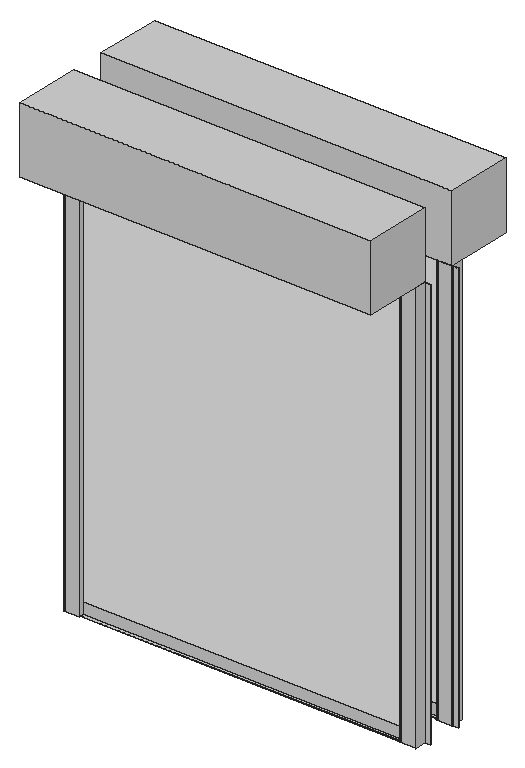
Revit family "DSI-FW119_Smoke-and-Fire-Curtain_Single-Roller-Headbox_Door-Systems", category Doors, host Wall, Revit 2023
Family settings
  Host = Wall
  OmniClass Number = 23.30.60.17
  OmniClass Title = Fire and Smoke Shutters and Curtains
  Always vertical = Yes
  Cut with Voids When Loaded = No
  Shared = No
  Room Calculation Point = No
Parameters (values of type "Default")
  Wall Thickness_Calc [instance] = if(Wall Thickness < 0' 9", Wall Thickness, 0' 9")  # 0' - 9"
  Wall Thickness [instance] = 0' - 9"
  URL = "https://www.doorsysinc.com/"
  Specification = "https://www.arcat.com/company/door-systems-50183/spec"
  Product Page URL = "https://www.arcat.com/arcatcos/cos50/arc50183.html"
  Model = "DSI-FW119"
  Manufacturer = "Door Systems"
  Keynote = "08 33 44"
  Jamb depth = 0' - 3"
  Jamb Width = 0' - 4"
  Head Box Width_Calc [instance] = if(Head Box Width > 0' 9", Head Box Width, 0' 9")  # 1' - 5 1/2"
  Head Box Width [instance] = if(Clear Opening Height < 10' 1", 1' 5 1/2", 1' 9 1/2")  # 1' - 5 1/2"
  Head Box Height_Calc [instance] = if(Head Box Height > 0' 9", Head Box Height, 0' 9")  # 1' - 5 1/2"
  Head Box Height [instance] = if(Clear Opening Height < 10' 1", 1' 5 1/2", 1' 9 1/2")  # 1' - 5 1/2"
  Function = Interior
  Frame Projection Ext. = 0' - 1"
  Frame Projection Int. = 0' - 1"
  Frame Width = 0' - 3"
  Height = 9' - 0"
  Wall Closure = By host
  Width = 7' - 0"
  Frame Finish = Metal - Steel - Primed
  Define Thermal Properties by = Schematic Type
  CurtainDrop_Viz = yes
  Curtain Finish = HS690-SS FABRIC- FW119
  Copyright = "Arcat, Inc."
  Clear Opening Width [instance] = 7' - 0"
  Clear Opening Height [instance] = 9' - 0"
  CAD Details = "https://www.arcat.com/company/door-systems-50183/cad"
  Analytic Construction = "<None>"
Reference planes (in)
  plane 1 "Center (Front/Back)": y = 0
  plane 2 "Center (Left/Right)": x = 0
  plane 3 "Left": x = -42
  plane 4 "Right": x = 42
  plane 5 "Top": z = 108
  plane 6 "Exterior": y = 4
  plane 7 "Interior": y = -4
  plane 8: y = 4.5
  plane 9: y = -4.5
  plane 10: y = 7.5
  plane 11: y = 6
  plane 12: y = -6
  plane 13: y = -7.5
  plane 14: x = -46
  plane 15: x = 46
  plane 16: y = -6.5
  plane 17: y = -5.5
  plane 18: y = 6.5
  plane 19: y = 5.5
  plane 20: y = 6.375
  plane 21: y = 5.625
  plane 22: y = -5.625
  plane 23: y = -6.375
  plane 24: x = -46.125
  plane 25: y = -4.625
  plane 26: x = -47.625
  plane 27: y = 4.625
  plane 28: x = 46.125
  plane 29: x = 47.625
Forms (in)
  Extrusion 1, solid, material "HS690-SS FABRIC- FW119" <- "Curtain Finish"
    sketch origin (0, 0, 0) x (1, 0, 0) y (0, 1, 0)
      loop
        line (-42, 6.375) -> (-42, 5.625) -> (42, 5.625) -> (42, 6.375) -> (-42, 6.375)
    from 0 to 108
  Sweep 2, solid, material "Metal - Steel - Primed" <- "Frame Finish"
    path origin (0, 7.5, -36) x (1, 0, 0) y (0, 0, 1)
      loop
        line (-46, 144) -> (46, 144)
    profile origin (0, 7.5, 108) x (0, 0, 1) y (0, -1, 0)
      loop
        line (17.5, 3) -> (0, 3) -> (0, -14.5) -> (17.5, -14.5) -> (17.5, 3)
  Sweep 3, solid, material "Metal - Steel - Primed" <- "Frame Finish", visible <- "CurtainDrop_Viz"
    path origin (0, 0, 0) x (1, 0, 0) y (0, 1, 0)
      loop
        line (42, 6) -> (-42, 6)
    profile origin (0, 6, 0) x (0, -1, 0) y (0, 0, 1)
      loop
        line (-1.29687, 0.125) -> (-1.29687, 0) -> (-0.375, 0) -> (-0.375, 3) -> (-0.5, 3) -> (-0.5, 0.125) -> (-1.29687, 0.125)
      loop
        line (1.29687, 0) -> (1.29687, 0.125) -> (0.5, 0.125) -> (0.5, 3) -> (0.375, 3) -> (0.375, 0) -> (1.29687, 0)
  Sweep 4, solid, material "Metal - Steel - Primed" <- "Frame Finish"
    path origin (0, -7.5, -36) x (1, 0, 0) y (0, 0, -1)
      loop
        line (-46, -144) -> (46, -144)
    profile origin (0, -7.5, 108) x (0, 0, -1) y (0, 1, 0)
      loop
        line (-17.5, 3) -> (-17.5, -14.5) -> (0, -14.5) -> (0, 3) -> (-17.5, 3)
  Extrusion 5, solid, material "Metal - Steel - Primed" <- "Frame Finish"
    sketch origin (0, 0, 0) x (1, 0, 0) y (0, 1, 0)
      loop
        line (-42, 7.5) -> (-46, 7.5) -> (-46, 4.5) -> (-42, 4.5) -> (-42, 5.5) -> (-43.25, 5.5) -> (-43.25, 5.375) -> (-42.125, 5.375) -> (-42.125, 4.625) -> (-45.875, 4.625) -> (-45.875, 7.375) -> (-42.125, 7.375) -> (-42.125, 6.625) -> (-43.25, 6.625) -> (-43.25, 6.5) -> (-42, 6.5) -> (-42, 7.5)
      loop
        line (42, 4.5) -> (46, 4.5) -> (46, 7.5) -> (42, 7.5) -> (42, 6.5) -> (43.24883, 6.5) -> (43.24883, 6.625) -> (42.125, 6.625) -> (42.125, 7.375) -> (45.875, 7.375) -> (45.875, 4.625) -> (42.125, 4.625) -> (42.125, 5.375) -> (43.24883, 5.375) -> (43.24883, 5.5) -> (42, 5.5) -> (42, 4.5)
    from 0 to 108
  Extrusion 6, solid, material "Metal - Steel - Primed" <- "Frame Finish"
    sketch origin (0, 0, 0) x (1, 0, 0) y (0, 1, 0)
      loop
        line (-42, -4.5) -> (-46, -4.5) -> (-46, -7.5) -> (-42, -7.5) -> (-42, -6.5) -> (-43.25, -6.5) -> (-43.25, -6.625) -> (-42.125, -6.625) -> (-42.125, -7.375) -> (-45.875, -7.375) -> (-45.875, -4.625) -> (-42.125, -4.625) -> (-42.125, -5.375) -> (-43.25, -5.375) -> (-43.25, -5.5) -> (-42, -5.5) -> (-42, -4.5)
      loop
        line (46, -4.5) -> (42, -4.5) -> (42, -5.5) -> (43.24883, -5.5) -> (43.24883, -5.375) -> (42.125, -5.375) -> (42.125, -4.625) -> (45.875, -4.625) -> (45.875, -7.375) -> (42.125, -7.375) -> (42.125, -6.625) -> (43.24883, -6.625) -> (43.24883, -6.5) -> (42, -6.5) -> (42, -7.5) -> (46, -7.5) -> (46, -4.5)
    from 0 to 108
  Extrusion 7, solid, material "HS690-SS FABRIC- FW119" <- "Curtain Finish"
    sketch origin (0, 0, 0) x (1, 0, 0) y (0, 1, 0)
      loop
        line (-42, -6.375) -> (42, -6.375) -> (42, -5.625) -> (-42, -5.625) -> (-42, -6.375)
    from 0 to 108
  Sweep 8, solid, material "Metal - Steel - Primed" <- "Frame Finish", visible <- "CurtainDrop_Viz"
    path origin (0, 0, 0) x (1, 0, 0) y (0, 1, 0)
      loop
        line (42, -6) -> (-42, -6)
    profile origin (0, -6, 0) x (0, -1, 0) y (0, 0, 1)
      loop
        line (1.29687, 0.125) -> (0.5, 0.125) -> (0.5, 3) -> (0.375, 3) -> (0.375, 0) -> (1.29687, 0) -> (1.29687, 0.125)
      loop
        line (-1.29687, 0) -> (-0.375, 0) -> (-0.375, 3) -> (-0.5, 3) -> (-0.5, 0.125) -> (-1.29687, 0.125) -> (-1.29687, 0)
  Extrusion 9, solid, material "Metal - Steel - Primed" <- "Frame Finish"
    sketch origin (0, 0, 0) x (1, 0, 0) y (0, 1, 0)
      loop
        line (-46, 7.5) -> (-46.125, 7.5) -> (-46.125, 4.625) -> (-47.625, 4.625) -> (-47.625, 4.5) -> (-46, 4.5) -> (-46, 7.5)
      loop
        line (46, 7.5) -> (46, 4.5) -> (47.625, 4.5) -> (47.625, 4.625) -> (46.125, 4.625) -> (46.125, 7.5) -> (46, 7.5)
    from 0 to 108
  Extrusion 10, solid, material "Metal - Steel - Primed" <- "Frame Finish"
    sketch origin (0, 0, 0) x (1, 0, 0) y (0, 1, 0)
      loop
        line (47.625, -4.5) -> (46, -4.5) -> (46, -7.5) -> (46.125, -7.5) -> (46.125, -4.625) -> (47.625, -4.625) -> (47.625, -4.5)
      loop
        line (-46, -4.5) -> (-47.625, -4.5) -> (-47.625, -4.625) -> (-46.125, -4.625) -> (-46.125, -7.5) -> (-46, -7.5) -> (-46, -4.5)
    from 0 to 108
Lines and regions (in)
  Opening 1
    outline origin (-90, -4, 0) x (1, 0, 0) y (0, 0, 1)
      loop
        line (48, 0) -> (132, 0) -> (132, 125.5) -> (48, 125.5) -> (48, 0)
Text (in)
  text "Exterior" at (-74.96733, 27.31104, 0), in view "Ref. Level"
  text "Interior" at (-74.96733, -25.14366, 0), in view "Ref. Level"
  text "Exterior" at (0, 40.15149, 123.01588), in view "Right"
  text "Interior" at (0, -64.39139, 123.01588), in view "Right"
  text "Interior" at (0, -31.01599, 123.00693), in view "Left"
  text "Exterior" at (0, 54.57065, 123.00693), in view "Left"
Dimensions and locks (in)
  equal spacing: plane 3 "Left", plane 2 "Center (Left/Right)", plane 4 "Right"
  "Clear Opening Height": level to plane 5 "Top"
  plane 3 "Left" to plane 4 "Right" = 7' - 0"
  host wall to plane 5 "Top" = 9' - 0"
  locked: Sweep 3 sketch curve to Sweep 3 sketch curve at 0.125
  "Wall Thickness_Calc": plane 8 to plane 9
  equal spacing: plane 8, plane 1 "Center (Front/Back)", plane 9
  "Jamb depth": plane 8 to plane 10
  "Clear Opening Width": plane 3 "Left" to plane 4 "Right"
  equal spacing: plane 10, plane 11, plane 8
  equal spacing: plane 9, plane 12, plane 13
  locked: Sweep 8 sketch curve to Sweep 8 sketch curve at 0.125
  "Head Box Width_Calc": plane 9 to Sweep 4 sketch curve
  "Head Box Height_Calc": plane 5 "Top" to Sweep 4 sketch curve
  "Head Box Width_Calc": Sweep 2 sketch curve to plane 8
  "Head Box Height_Calc": Sweep 2 sketch curve to plane 5 "Top"
  "Jamb Width": plane 14 to plane 3 "Left"
  "Jamb Width": plane 15 to plane 4 "Right"
  "Jamb depth": plane 9 to plane 13
  equal spacing: plane 9, plane 17, plane 16, plane 13
  equal spacing: plane 8, plane 19, plane 18, plane 10
  locked: plane 20 to plane 18 at 0.125
  locked: plane 19 to plane 21 at 0.125
  locked: plane 17 to plane 22 at 0.125
  locked: plane 23 to plane 16 at 0.125
  locked: plane 9 to plane 25 at 0.125
  plane 26 to plane 24 to plane 14 = 0' - 1 1/2" locked, 0' - 0 1/8" locked
  locked: plane 8 to plane 27 at 0.125
  plane 29 to plane 28 to plane 15 = 0' - 1 1/2" locked, 0' - 0 1/8" locked
  aligned and locked: Opening 1 sketch curve to level
  aligned and locked: plane 6 "Exterior" to host wall
  aligned and locked: host wall to plane 7 "Interior"
  aligned and locked: Sweep 3 sketch curve to Sweep 3 sketch curve
  aligned and locked: plane 5 "Top" to Sweep 2
  aligned and locked: Sweep 2 sketch curve to plane 5 "Top"  (x2)
  aligned and locked: Extrusion 5 sketch curve to Extrusion 5 sketch curve  (x2)
  aligned and locked: Extrusion 5 sketch curve to plane 10  (x2)
  aligned and locked: plane 8 to Extrusion 5 sketch curve  (x2)
  aligned and locked: Extrusion 5 to plane 5 "Top"
  aligned and locked: plane 11 to Sweep 3 sketch curve
  aligned and locked: plane 3 "Left" to Sweep 3 sketch curve
  aligned and locked: plane 4 "Right" to Sweep 3 sketch curve
  aligned and locked: Extrusion 1 to plane 5 "Top"
  aligned and locked: plane 9 to Extrusion 6 sketch curve  (x2)
  aligned and locked: Extrusion 6 sketch curve to plane 13  (x2)
  aligned and locked: Extrusion 6 sketch curve to Extrusion 6 sketch curve
  aligned and locked: Extrusion 6 to plane 5 "Top"
  aligned and locked: Sweep 4 sketch curve to plane 5 "Top"
  aligned and locked: plane 5 "Top" to Sweep 4 sketch curve
  aligned and locked: Sweep 8 sketch curve to Sweep 8 sketch curve
  aligned and locked: plane 9 to Sweep 4 sketch curve
  aligned and locked: Sweep 2 sketch curve to plane 8
  aligned and locked: Sweep 2 to Opening 1 sketch curve
  aligned and locked: plane 4 "Right" to Opening 1 sketch curve
  aligned and locked: plane 3 "Left" to Opening 1 sketch curve
  aligned and locked: Extrusion 7 to plane 5 "Top"
  aligned and locked: Extrusion 6 sketch curve to plane 14
  aligned and locked: plane 16 to Extrusion 6 sketch curve  (x2)
  aligned and locked: Extrusion 6 sketch curve to plane 17  (x2)
  aligned and locked: Extrusion 6 sketch curve to plane 15
  aligned and locked: Extrusion 5 sketch curve to plane 14
  aligned and locked: plane 18 to Extrusion 5 sketch curve  (x2)
  aligned and locked: Extrusion 5 sketch curve to plane 19  (x2)
  aligned and locked: plane 4 "Right" to Extrusion 5 sketch curve
  aligned and locked: Extrusion 5 sketch curve to plane 15
  aligned and locked: plane 20 to Extrusion 1 sketch curve
  aligned and locked: Extrusion 1 sketch curve to plane 21
  aligned and locked: plane 22 to Extrusion 7 sketch curve
  aligned and locked: Extrusion 7 sketch curve to plane 23
  aligned and locked: Extrusion 9 sketch curve to plane 14
  aligned and locked: Extrusion 9 sketch curve to plane 24
  aligned and locked: Extrusion 9 sketch curve to plane 27  (x2)
  aligned and locked: Extrusion 9 sketch curve to plane 8  (x2)
  aligned and locked: Extrusion 9 sketch curve to plane 26
  aligned and locked: Extrusion 9 sketch curve to plane 10  (x2)
  aligned and locked: plane 15 to Extrusion 9 sketch curve
  aligned and locked: plane 28 to Extrusion 9 sketch curve
  aligned and locked: plane 29 to Extrusion 9 sketch curve
  aligned and locked: Extrusion 9 to level
  aligned and locked: Extrusion 9 to plane 5 "Top"
  aligned and locked: plane 9 to Extrusion 10 sketch curve  (x2)
  aligned and locked: plane 25 to Extrusion 10 sketch curve  (x2)
  aligned and locked: plane 28 to Extrusion 10 sketch curve
  aligned and locked: plane 15 to Extrusion 10 sketch curve
  aligned and locked: plane 29 to Extrusion 10 sketch curve
  aligned and locked: plane 13 to Extrusion 10 sketch curve  (x2)
  aligned and locked: Extrusion 10 sketch curve to plane 26
  aligned and locked: Extrusion 10 sketch curve to plane 24
  aligned and locked: Extrusion 10 sketch curve to plane 14
  aligned and locked: Extrusion 10 to level
  aligned and locked: Extrusion 10 to plane 5 "Top"
Automatic sketch dimensions
  Extrusion 1 sketch curve to plane 3 "Left" = 0' - 0"
  Extrusion 1 sketch curve to plane 4 "Right" = 0' - 0"
  Extrusion 7 sketch curve to plane 3 "Left" = 0' - 0"
  Extrusion 7 sketch curve to plane 4 "Right" = 0' - 0"
  Sweep 8 sketch curve to plane 3 "Left" = 0' - 0"
  Sweep 8 sketch curve to plane 4 "Right" = 0' - 0"
  plane 12 to Sweep 8 sketch curve = 0' - 0"
  Sweep 2 sketch curve to plane 14 = 0' - 0"
  Sweep 4 sketch curve to plane 14 = 0' - 0"
  plane 15 to Sweep 2 sketch curve = 0' - 0"
  plane 15 to Sweep 4 sketch curve = 0' - 0"
  Extrusion 6 sketch curve to plane 3 "Left" = 0' - 0"  (x2)
  plane 14 to Extrusion 6 sketch curve = 0' - 0 1/8"
  Extrusion 6 sketch curve to plane 16 = 0' - 0 1/8"  (x2)
  plane 3 "Left" to Extrusion 6 sketch curve = 0' - 1 1/4"
  plane 17 to Extrusion 6 sketch curve = 0' - 0 1/8"  (x2)
  Extrusion 6 sketch curve to Extrusion 6 sketch curve = 0' - 0"  (x2)
  plane 3 "Left" to Extrusion 6 sketch curve = 0' - 0 1/8"  (x2)
  Extrusion 6 sketch curve to Extrusion 6 sketch curve = 0' - 1.24883"
  plane 13 to Extrusion 6 sketch curve = 0' - 0 1/8"  (x2)
  Extrusion 6 sketch curve to plane 9 = 0' - 0 1/8"  (x2)
  Extrusion 6 sketch curve to Extrusion 6 sketch curve = 0' - 0 1/8"  (x2)
  plane 15 to Extrusion 6 sketch curve = 0' - 0 1/8"
  Extrusion 6 sketch curve to plane 4 "Right" = 0' - 0"
  Extrusion 5 sketch curve to plane 3 "Left" = 0' - 0"
  plane 14 to Extrusion 5 sketch curve = 0' - 0 1/8"
  Extrusion 5 sketch curve to plane 18 = 0' - 0 1/8"  (x2)
  plane 3 "Left" to Extrusion 5 sketch curve = 0' - 1 1/4"
  plane 19 to Extrusion 5 sketch curve = 0' - 0 1/8"  (x2)
  Extrusion 5 sketch curve to Extrusion 5 sketch curve = 0' - 0"  (x2)
  plane 3 "Left" to Extrusion 5 sketch curve = 0' - 0 1/8"  (x2)
  Extrusion 5 sketch curve to plane 4 "Right" = 0' - 1.24883"
  Extrusion 5 sketch curve to plane 8 = 0' - 0 1/8"  (x2)
  plane 10 to Extrusion 5 sketch curve = 0' - 0 1/8"
  Extrusion 5 sketch curve to plane 4 "Right" = 0' - 0 1/8"  (x2)
  plane 15 to Extrusion 5 sketch curve = 0' - 0 1/8"
  Extrusion 5 sketch curve to Extrusion 5 sketch curve = 0' - 0 1/8"
  Sweep 8 sketch curve to profile plane = 0' - 0"  (x2)
  profile plane to Sweep 8 sketch curve = 0' - 1 19/64"
  profile plane to Sweep 8 sketch curve = 0' - 0 1/2"
  Sweep 8 sketch curve to Sweep 8 sketch curve = 0' - 0 1/8"
  Sweep 8 sketch curve to profile plane = 0' - 0 3/8"
  profile plane to Sweep 8 sketch curve = 0' - 0 1/8"
  Sweep 8 sketch curve to Sweep 8 sketch curve = 0' - 0 51/64"
  Sweep 8 sketch curve to Sweep 8 sketch curve = 0' - 2 7/8"
  Sweep 8 sketch curve to Sweep 8 sketch curve = 0' - 0"
  Sweep 3 sketch curve to profile plane = 0' - 0"  (x2)
  profile plane to Sweep 3 sketch curve = 0' - 0 1/8"
  profile plane to Sweep 3 sketch curve = 0' - 1 19/64"
  profile plane to Sweep 3 sketch curve = 0' - 0 1/2"
  Sweep 3 sketch curve to profile plane = 0' - 0 3/8"
  Sweep 3 sketch curve to Sweep 3 sketch curve = 0' - 0 1/8"
  Sweep 3 sketch curve to Sweep 3 sketch curve = 0' - 0 51/64"
  Sweep 3 sketch curve to Sweep 3 sketch curve = 0' - 2 7/8"
  Sweep 3 sketch curve to Sweep 3 sketch curve = 0' - 0"
